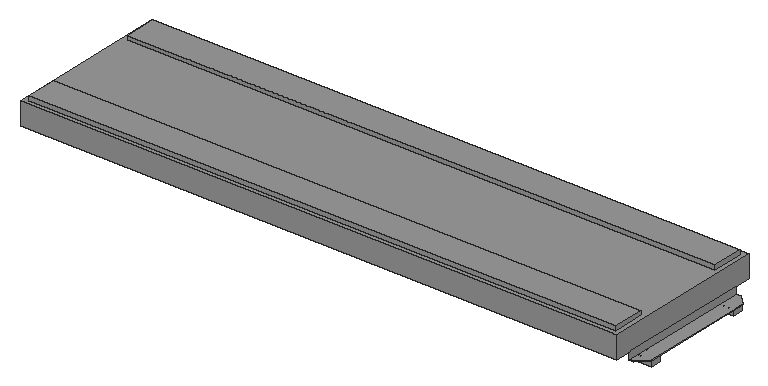
Revit family "44066", category Lighting Fixtures, host Face, Revit 2018
Family settings
  Host = Face
  Round Connector Dimension = Use Diameter
  Part Type = Normal
  OmniClass Number = 23.80.70.00
  OmniClass Title = Lighting
  Cut with Voids When Loaded = No
  Light Source = Yes
  Shared = No
  Room Calculation Point = No
Parameters (values of type "0044066 SPORTSBAY 12KLM 840 SS")
  box length = 1160 mm
  Width = 320 mm
  Weight = "n/a"
  Wattage Comments = ""
  Wattage = 9.2903 W
  WarrantyStartDate [instance] = "n/a"
  WarrantyGuarantorParts = "n/a"
  WarrantyDurationUnit = "n/a"
  WarrantyDurationParts = ""
  WarrantyDescription = "http://www.sylvania-lighting.com"
  built-in parameter 1150110 = 1 (stored number, unit not read)
  Voltage = 0 V
  URL = "0.95"
  TypeName = "Sportsbay 12klm 840 SS"
  Type Image = <None>
  Type Comments = "n/a"
  built-in parameter 1114217 = 1 (stored number, unit not read)
  Tilt Angle = -90.00°
  built-in parameter 1150109 = 1 (stored number, unit not read)
  built-in parameter 1150134 = 3
  built-in parameter 1150113 = 1 (stored number, unit not read)
  SerialNumber [instance] = "n/a"
  Photometric Web File = "0044066.IES"
  Material_3_SYL = none
  PowerFactor = 0
  PowerConsumption = "Lighting"
  NominalLength = 320 mm
  NominalHeight = 76 mm
  NominalDepth = 320 mm
  Name = "Sportsbay 12klm 840 SS"
  ModelReference = Name  # "Sportsbay 12klm 840 SS"
  ModelNumber = "0044066"
  Model = Name  # "Sportsbay 12klm 840 SS"
  Material = "Feilo Sylvania"
  ManufacturerName = "156 lm/W"
  Manufacturer = ""
  LuminousEfficacy = ""
  built-in parameter 1150105 = 109.82 (stored number, unit not read)
  Lumens = 1380 lm
  LuminaireType = "0"
  built-in parameter 1150115 = 1 (stored number, unit not read)
  LightOutputRatio = "LED"
  built-in parameter 1150137 = (empty or 0)
  built-in parameter 1150139 = (empty or 0)
  Length = 1220 mm
  LampsType = Lamp  # "n/a"
  LampNominalLuminous = "n/a"
  LampMacAdamStep = "n/a"
  LampColourTemperature = "LED"
  LampColourRenderingIndex = "16500"
  built-in parameter 1150112 = 1 (stored number, unit not read)
  built-in parameter 1150114 = 1 (stored number, unit not read)
  Lamp = "n/a"
  Keynote = "n/a"
  InstallationDate [instance] = "n/a"
  InputVoltage = "0"
  InputNominalFrequency = ""
  built-in parameter 1150132 = (empty or 0)
  built-in parameter 1150102 = (empty or 0)
  built-in parameter 1150107 = 3200 (stored number, unit not read)
  built-in parameter 1150138 = (empty or 0)
  IngressProtection = "IfcLightFixtureType"
  ImpactProtectionIndex = "IfcLightFixtureType"
  built-in parameter 1150106 = 1.0982 (stored number, unit not read)
  IfcExportType = "IfcLightFixtureType"
  IfcExportAs = "Class I"
  Height = 76 mm
  Emit from Circle Diameter = 609.6 mm
  Emit Shape Visible in Rendering = no
  ElectricShockClassification = "156"
  built-in parameter 1150104 = 13.8 (stored number, unit not read)
  DocumentationLiterature = "http://www.sylvania-lighting.com/product/en-int/products/0044066"
  DimmingControlOptions = "n/a"
  Material_2_SYL = none
  Dimming Lamp Color Temperature Shift = <None>
  Description = ""
  Default Elevation = 1219.2 mm
  CreatedOn = "26/09/2023"
  CreatedBy = "@sylvania-lighting.com"
  Cost = 0
  Color Filter = 16777215
  built-in parameter 1114216 [instance] = (empty or 0)
  ClassificationValue = "EF_70_80"
  ClassificationName = "Uniclass2015"
  Material_1_SYL = none
  BarCode [instance] = "n/a"
  built-in parameter 1114218 = 1 (stored number, unit not read)
  built-in parameter 1150133 = 10 (stored number, unit not read)
  AssetType = "Fixed"
  AssetIdentifier [instance] = "n/a"
  Assembly Code = "D5020200"
  Apparent Load = 81 VA
  Material_4_SYL = none
Reference planes
  plane 1 "Center (Front/Back)": y = 0
  plane 2: z = 0
  plane 3 "Center (Left/Right)": x = 0
  plane 4: x = -610
  plane 5: x = 610
  plane 6: y = 160
  plane 7: y = -160
  plane 8: z = 76
  plane 9: z = 1
  plane 10: y = 130
  plane 11: y = -130
  plane 12: x = -580
  plane 13: x = -590
  plane 14: y = 110
  plane 15: y = -110
  plane 16: x = -590
  plane 17: x = -581
  plane 18: z = 11
  plane 19: z = 68
  plane 20: z = 25
  plane 21: x = 590
  plane 22: x = -608.5
  plane 23: y = 90
  plane 24: x = -583.5
  plane 25: x = -571
  plane 26: x = 571
  plane 27: y = 151
  plane 28: y = 90
Forms (mm)
  Extrusion 1, solid, material "Aluminum", detail levels medium+fine
    sketch origin (0, 0, 0) x (1, 0, 0) y (0, 1, 0)
      loop
        line (-590, 130) -> (-610, 110) -> (-610, -110) -> (-590, -130) -> (-580, -130) -> (-580, 130) -> (-590, 130)
    from 11 to 12
  Extrusion 2, solid, material "Aluminum", detail levels medium+fine
    sketch origin (0, 0, 0) x (1, 0, 0) y (0, 1, 0)
      loop
        line (-581, 130) -> (-581, -130) -> (-580, -130) -> (-580, 130) -> (-581, 130)
    from 11 to 25
  Extrusion 3, solid, material "Aluminum", detail levels medium+fine
    sketch origin (0, 0, 0) x (-1, 0, 0) y (0, -1, 0)
      loop
        line (-590, -130) -> (-580, -130) -> (-580, 130) -> (-590, 130) -> (-610, 110) -> (-610, -110) -> (-590, -130)
    from 11 to 12
  Extrusion 4, solid, material "Aluminum", detail levels medium+fine
    sketch origin (0, 0, 0) x (-1, 0, 0) y (0, -1, 0)
      loop
        line (-581, -130) -> (-580, -130) -> (-580, 130) -> (-581, 130) -> (-581, -130)
    from 11 to 25
  Extrusion 5, solid, material "Aluminum", detail levels medium+fine
    sketch origin (1524, -324.9, 1219.2) x (1, 0, 0) y (0, 0, 1)
      loop
        line (-943, -1151.2) -> (-2105, -1151.2) -> (-2105, -1194.2) -> (-943, -1194.2) -> (-943, -1151.2)
    from -484.9 to -164.9
  Extrusion 6, solid, material "Aluminum", detail levels medium+fine
    sketch origin (0, 0, 0) x (1, 0, 0) y (0, 1, 0)
      loop
        line (-608.5, 110) -> (-608.5, 90) -> (-583.5, 90) -> (-583.5, 110) -> (-608.5, 110)
    from 0 to 11
  Extrusion 7, solid, material "Aluminum", detail levels medium+fine
    sketch origin (0, 0, 0) x (1, 0, 0) y (0, 1, 0)
      loop
        line (-608.5, -110) -> (-583.5, -110) -> (-583.5, -90) -> (-608.5, -90) -> (-608.5, -110)
    from 0 to 11
  Extrusion 8, solid, material "Aluminum", detail levels medium+fine
    sketch origin (0, 0, 0) x (-1, 0, 0) y (0, -1, 0)
      loop
        line (-608.5, -110) -> (-583.5, -110) -> (-583.5, -90) -> (-608.5, -90) -> (-608.5, -110)
    from 0 to 11
  Extrusion 9, solid, material "Aluminum", detail levels medium+fine
    sketch origin (0, 0, 0) x (-1, 0, 0) y (0, -1, 0)
      loop
        line (-608.5, 110) -> (-608.5, 90) -> (-583.5, 90) -> (-583.5, 110) -> (-608.5, 110)
    from 0 to 11
  Extrusion 10, solid, material "Glass, White, High Luminance", detail levels fine
    sketch origin (0, 0, 0) x (1, 0, 0) y (0, 1, 0)
      loop
        line (-571, 151) -> (-571, 90) -> (571, 90) -> (571, 151) -> (-571, 151)
    from 68 to 76
  Extrusion 11, solid, material "Glass, White, High Luminance", detail levels fine
    sketch origin (0, 0, 0) x (1, 0, 0) y (0, 1, 0)
      loop
        line (-571, -151) -> (571, -151) -> (571, -90) -> (-571, -90) -> (-571, -151)
    from 68 to 76
  Extrusion 12, solid, detail levels coarse
    sketch origin (0, 0, 0) x (1, 0, 0) y (0, 1, 0)
      loop
        line (-610, 160) -> (-610, -160) -> (610, -160) -> (610, 160) -> (-610, 160)
    from 0 to 76
Dimensions and locks
  equal spacing: plane 4, plane 3 "Center (Left/Right)", plane 5
  equal spacing: plane 6, plane 1 "Center (Front/Back)", plane 7
  plane 3 "Center (Left/Right)" to Extrusion 5 = 581 mm
  "Length": plane 4 to plane 5
  "Width": plane 6 to plane 7
  "Height": plane 8 to level
  aligned and locked: plane 2 to host face
  aligned and locked: level to host face
Automatic sketch dimensions
  host sketch curve to host sketch curve = 2438.4 mm  (x2)
  Extrusion 1 sketch curve to plane 4 = 0 mm
  Extrusion 1 sketch curve to plane 10 = 0 mm
  Extrusion 1 sketch curve to plane 13 = 0 mm  (x2)
  Extrusion 1 sketch curve to plane 11 = 0 mm
  Extrusion 1 sketch curve to plane 12 = 0 mm
  Extrusion 1 sketch curve to plane 15 = 0 mm
  Extrusion 1 sketch curve to plane 14 = 0 mm
  Extrusion 2 sketch curve to plane 11 = 0 mm
  Extrusion 2 sketch curve to plane 17 = 0 mm
  Extrusion 2 sketch curve to plane 12 = 0 mm
  Extrusion 2 sketch curve to plane 10 = 0 mm
  Extrusion 3 sketch curve to plane 5 = 0 mm
  Extrusion 3 sketch curve to plane 10 = 0 mm
  Extrusion 3 sketch curve to plane 21 = 0 mm  (x2)
  Extrusion 3 sketch curve to plane 11 = 0 mm
  Extrusion 3 sketch curve to plane 15 = 0 mm
  Extrusion 3 sketch curve to plane 14 = 0 mm
  Extrusion 3 sketch curve to plane 26 = 9 mm
  Extrusion 4 sketch curve to plane 11 = 0 mm
  Extrusion 4 sketch curve to plane 10 = 0 mm
  plane 21 to Extrusion 4 sketch curve = 9 mm
  Extrusion 4 sketch curve to Extrusion 4 sketch curve = 1 mm
  Extrusion 5 sketch curve to plane 17 = 0 mm
  Extrusion 5 sketch curve to plane 20 = 0 mm
  Extrusion 5 sketch curve to plane 19 = 0 mm
  Extrusion 5 sketch curve to plane 21 = 9 mm
  Extrusion 6 sketch curve to plane 22 = 0 mm
  Extrusion 6 sketch curve to plane 23 = 0 mm
  Extrusion 6 sketch curve to plane 24 = 0 mm
  Extrusion 6 sketch curve to plane 14 = 0 mm
  Extrusion 7 sketch curve to plane 22 = 0 mm
  Extrusion 7 sketch curve to plane 24 = 0 mm
  Extrusion 7 sketch curve to plane 15 = 0 mm
  Extrusion 7 sketch curve to plane 15 = 20 mm
  plane 23 to Extrusion 8 sketch curve = 0 mm
  Extrusion 8 sketch curve to plane 14 = 0 mm
  plane 5 to Extrusion 8 sketch curve = 1.5 mm
  plane 21 to Extrusion 8 sketch curve = 6.5 mm
  Extrusion 9 sketch curve to plane 15 = 0 mm
  Extrusion 9 sketch curve to plane 5 = 1.5 mm
  Extrusion 9 sketch curve to plane 21 = 6.5 mm
  Extrusion 9 sketch curve to Extrusion 9 sketch curve = 20 mm
  Extrusion 10 sketch curve to plane 23 = 0 mm
  Extrusion 10 sketch curve to plane 25 = 0 mm
  Extrusion 10 sketch curve to plane 26 = 0 mm
  Extrusion 10 sketch curve to plane 27 = 0 mm
  Extrusion 11 sketch curve to plane 25 = 0 mm
  Extrusion 11 sketch curve to plane 26 = 0 mm
  Extrusion 11 sketch curve to plane 15 = 20 mm
  Extrusion 11 sketch curve to plane 7 = 9 mm
  Extrusion 12 sketch curve to plane 4 = 0 mm
  Extrusion 12 sketch curve to plane 5 = 0 mm
  Extrusion 12 sketch curve to plane 7 = 0 mm
  Extrusion 12 sketch curve to plane 6 = 0 mm
Connectors
  electrical at (0, 0, 0), driven by "Apparent Load", driven by "PowerFactor", driven by "Voltage"
    settings: index 1, voltage 0 V, apparent load 81 VA, apparent load phase1 0 VA, apparent load phase2 0 VA, apparent load phase3 0 VA, power factor 0, load classification "Lighting", number of poles 1, system type 30, power factor state 1, is connector primary yes, connector utility no, sub classification motor no, connector description ""
